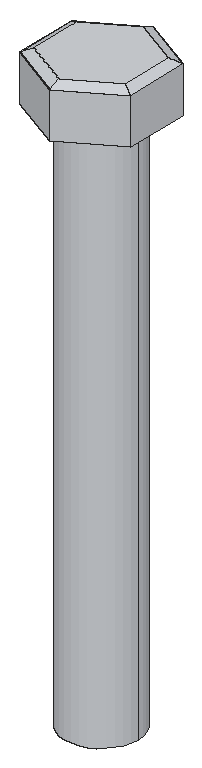
Revit family "Bolt M16x130_Face", category Generic Models, host Face, Revit 2018
Family settings
  Host = Face
  Can host rebar = No
  Round Connector Dimension = Use Diameter
  Part Type = Normal
  Cut with Voids When Loaded = No
  Shared = No
  Room Calculation Point = No
Parameters
  Default Elevation = 1219.2 mm
Reference planes
  plane 1 "Center (Front/Back)": y = 0
  plane 2: z = 0
  plane 3 "Center (Left/Right)": x = 0
Dimensions and locks
  aligned and locked: plane 2 to host face
  aligned and locked: level to host face
Nested families
  nested 1: "Bolt M16x130" at (0, 0, 11) x (1, 0, 0) z (0, 0, -1), type "Bolt M16x130"
    with L 100 mm, B 38 mm
Definition of nested family "Bolt M16x130"
  Parameters (values of type "Bolt M16x130")
    VL = none
    L [instance] = 100 mm
    Default Elevation = 1219.2 mm
    B [instance] = 38 mm
  Reference planes
    plane 1 "Center (Front/Back)": y = 0
    plane 2: z = 0
    plane 3 "Center (Left/Right)": x = 0
    plane 4: x = -12
    plane 5: x = 12
    plane 6: y = -12
    plane 7: y = 12
    plane 8: z = 10
    plane 9: z = 91
    plane 10: z = 1
    plane 11: z = 11
    plane 12: z = 91
    plane 13: through (-12, 6.928, 1200) normal (0.5, 0.866, 0)
    plane 14: through (12, 6.928, 1200) normal (0.5, -0.866, 0)
    plane 15: y = 5.5
    plane 16: z = 92
    plane 17: y = 8
    plane 18: through (-12, 6.928, 1200) normal (0.5, 0.866, 0)
    plane 19: through (12, 6.928, 1200) normal (0.5, -0.866, 0)
  Forms (mm)
    Extrusion 1, solid, material <- "VL"
      sketch origin (0, 0, 0) x (1, 0, 0) y (0, 1, 0)
        loop
          line (0, 13.856) -> (-12, 6.928) -> (-12, -6.928) -> (0, -13.856) -> (12, -6.928) -> (12, 6.928) -> (0, 13.856)
      from 1 to 11
    Extrusion 2, solid, material <- "VL"
      sketch origin (0, 0, 0) x (1, 0, 0) y (0, 1, 0)
        loop
          circle (0, 0) r 8
      from 11 to 130
    Blend 3, solid, material <- "VL"
      base sketch origin (0, 0, 0) x (1, 0, 0) y (0, 1, 0)
        loop
          line (10, 5.774) -> (0, 11.547) -> (-10, 5.774) -> (-10, -5.774) -> (0, -11.547) -> (10, -5.774) -> (10, 5.774)
      top sketch origin (0, 0, 0) x (1, 0, 0) y (0, 1, 0)
        loop
          line (12, 6.928) -> (0, 13.856) -> (-12, 6.928) -> (-12, -6.928) -> (0, -13.856) -> (12, -6.928) -> (12, 6.928)
      from 0 to 1
    Extrusion 4, solid, material <- "VL", not visible
      sketch origin (0, 0, 0) x (1, 0, 0) y (0, 1, 0)
        loop
          line (0, 13.856) -> (-12, 6.928) -> (-12, -6.928) -> (0, -13.856) -> (12, -6.928) -> (12, 6.928) -> (0, 13.856)
      from 1 to 11
    Extrusion 5, solid, material <- "VL", not visible
      sketch origin (0, 0, 0) x (1, 0, 0) y (0, 1, 0)
        loop
          circle (0, 0) r 8
      from 11 to 91
    Revolve 6, solid, material <- "VL", not visible
      sketch origin (0, 0, -19) x (0, 1, 0) y (0, 0, 1)
        loop
          line (0, 110) -> (8, 110) -> (5.5, 111) -> (8, 112) -> (5.5, 113) -> (8, 114) -> (5.5, 115) -> (8, 116) -> (5.5, 117) -> (8, 118) -> (5.5, 119) -> (8, 120) -> (5.5, 121) -> (8, 122) -> (5.5, 123) -> (8, 124) -> (5.5, 125) -> (8, 126) -> (5.5, 127) -> (8, 128) -> (5.5, 129) -> (8, 130) -> (5.5, 131) -> (8, 132) -> (5.5, 133) -> (8, 134) -> (5.5, 135) -> (8, 136) -> (5.5, 137) -> (8, 138) -> (5.5, 139) -> (8, 140) -> (5.5, 141) -> (8, 142) -> (5.5, 143) -> (8, 144) -> (5.5, 145) -> (8, 146) -> (5.5, 147) -> (8, 148) -> (5.5, 149) -> (0, 149) -> (0, 110)
        axis (0, 149) -> (0, 110)
      angle from 0 to 360
    Blend 7, solid, material <- "VL", not visible
      base sketch origin (0, 0, 0) x (1, 0, 0) y (0, 1, 0)
        loop
          line (10, 5.774) -> (0, 11.547) -> (-10, 5.774) -> (-10, -5.774) -> (0, -11.547) -> (10, -5.774) -> (10, 5.774)
      top sketch origin (0, 0, 0) x (1, 0, 0) y (0, 1, 0)
        loop
          line (12, 6.928) -> (0, 13.856) -> (-12, 6.928) -> (-12, -6.928) -> (0, -13.856) -> (12, -6.928) -> (12, 6.928)
      from 0 to 1
  Dimensions and locks
    aligned and locked: level to plane 2
